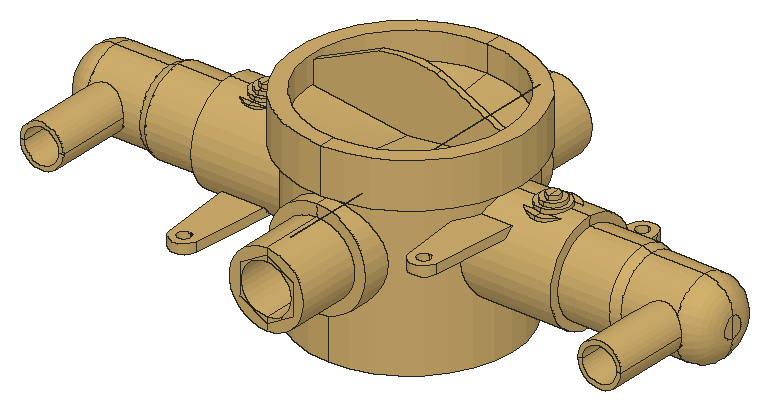
Revit family "Pressure_Balance_Rough_Valve-GROHE-35115000", category Plumbing Fixtures, host Face, Revit 2016
Family settings
  Host = Face
  Part Type = Normal
  Round Connector Dimension = Use Diameter
  OmniClass Number = 23.45.05.14.17
  OmniClass Title = Showers
  Cut with Voids When Loaded = Yes
  Shared = Yes
  Room Calculation Point = No
Parameters (values of type "GROHSAFE 3.0 - 35115000 1/2" Copper Sweat Outlet")
  Water Connection Diameter = 1/2"  # constant formula
  Waste Connection = no
  Warranty Information = ""
  WFU = 4  # constant formula
  Vent Connection = no
  URL = "www.grohe.ca"
  Type Comments = ""
  Specification = " 1/2in PEX crimp Elbow inlets; 1/2in Universal outlets; Includes plug for 3-port installation; Universal connection is 1/2” male threads by copper sweat; Flush plug included; Can be tested using flush plug with air (200 psi) or water 300 psi;Valve can be rotated 180 degrees to accommodate floor or ceiling supplies ;Made of DZR Brass; Service stops; Cartridge ships with the trim"  # constant formula
  Shower Outlet To Spout Outlet Width = 3 5/8"  # constant formula
  ScrewDriver Stop = yes
  Product Page URL = ""
  Product Documentation Link = ""
  Price = "Prices may vary. Please consult Manufacturer Representative for most up-to-date price list."  # constant formula
  Plaster Guard = yes
  Outlet to Wall = 2"
  Outlet to Outlet = 3 5/8"
  Outlet To Center = Shower Outlet To Spout Outlet Width / 2  # 1 13/16"
  Model = "35115000"  # constant formula
  Material = "DZR_Brass-Grohe"
  Manufacturer = "Grohe"  # constant formula
  Installation Type = "Wall Mounted"  # constant formula
  Inlet to Wall = 1"
  Inlet To Center = Hot Inlet To Cold Inlet Width / 2  # 3 1/4"
  Hot Inlet To Cold Inlet Width = 6 1/2"
  HWFU = 3  # constant formula
  HW Connection = yes
  Finish = DZR_Brass-Grohe
  Description = "Pressure Balance Valve Rough with Elbows - PEX Crimp with Service Stops"  # constant formula
  Dept From Wall Face To Outlet = if(Outlet to Wall < 1 3/4", 1 3/4", if(Outlet to Wall > 2 3/4", 2 3/4", Outlet to Wall))  # 2"
  Dept From Wall Face To COFC = if(Inlet to Wall < 7/8", 7/8", if(Inlet to Wall > 2", 2", Inlet to Wall))  # 1"
  Default Elevation = 0"  # constant formula
  Creation Date = "03/20/2020"  # constant formula
  Connection Size = 1/2"  # constant formula
  Connection Outlet Description = "1/2\" Copper Sweat Connection Outlet"
  Connection HW Inlet Description = "1/2” PEX Crimp Elbow Connection Inlet"
  Connection CW Inlet Description = "1/2” PEX Crimp Elbow Connection Inlet"
  CWFU = 3  # constant formula
  CW Connection = yes
  Assembly Code = "D2020300"
Types (3): name | Connection Outlet Description | Connection HW Inlet Description | Connection CW Inlet Description
  (no name) | "1/2\" Copper Sweat Connection Outlet" | "1/2” PEX Crimp Elbow Connection Inlet" | "1/2” PEX Crimp Elbow Connection Inlet"
  GROHSAFE 3.0 - 35115000 1/2" Copper Sweat Outlet | "1/2\" Copper Sweat Connection Outlet" | "1/2” PEX Crimp Elbow Connection Inlet" | "1/2” PEX Crimp Elbow Connection Inlet"
  GROHSAFE 3.0 - 35115000 1/2" NPT Outlet | "1/2\" NPT Connection Outlet" | "1/2” PEX Crimp Elbow  Connection Inlet" | "1/2” PEX Crimp Elbow  Connection Inlet"
Reference planes (in)
  plane 1 "Center (Front/Back)": y = -0.625
  plane 2: z = 0
  plane 3 "Center (Left/Right)": x = 0
  plane 4: z = -0.45494
  plane 5: y = -0.59375
  plane 6: y = -0.65625
  plane 7: y = -2.4375
  plane 8: y = 1.1875
  plane 9: z = -2
  plane 10: z = -1
  plane 11: x = 1.03125
  plane 12: x = -1.03125
  plane 13: x = 2.4375
  plane 14: x = -2.4375
  plane 15: z = -1.27344
  plane 16: x = -2.8125
  plane 17: x = 3.25
  plane 18: x = -3.15977
  plane 19: x = -3.25
  plane 20: x = 3.25
  plane 21: x = 2.8125
Forms (in)
  Extrusion 1, solid
    sketch origin (0, 0, 0) x (1, 0, 0) y (0, 1, 0)
      loop
        line (-0.12634, -0.50696) -> (-0.12634, -0.76768) -> (0.16418, -0.76768) -> (0.16418, -0.50696) -> (-0.12634, -0.50696)
    from -0.69087 to -0.7969
  Revolve 2, solid, material "DZR_Brass-Grohe"
    sketch origin (0, 0, 0) x (0, 1, 0) y (0, 0, 1)
      loop
        line (0.40625, -2) -> (0.40625, -0.45494) -> (0.5046, -0.45494) -> (0.5046, 0) -> (0.34375, 0) -> (0.34375, -0.26863) -> (-0.625, -0.39363) -> (-0.625, -0.51744) -> (0.34375, -0.51744) -> (0.34375, -1.9375) -> (-0.625, -1.9375) -> (-0.625, -2) -> (0.40625, -2)
      axis (-0.625, 0) -> (-0.625, -2)
    angle from 0 to 360
  Extrusion 3, solid, material "DZR_Brass-Grohe"
    sketch origin (0, 1.1875, -0.69922) x (0, 1, 0) y (-1, 0, 0)
      loop
        line (-0.63558, 1.20343) -> (-1.8125, 1.31847) -> (-1.8125, 0.81724) -> (-0.63558, 0.93227)
        arc (-0.63558, 0.93227) -> (-0.5126, 1.06785) -> (-0.63558, 1.20343) r 0.13623
      loop
        circle (-0.64883, 1.06785) r 0.06518
      loop
        line (-2.98942, -1.20343) -> (-1.8125, -1.31847) -> (-1.8125, -0.81724) -> (-2.98942, -0.93227)
        arc (-2.98942, -0.93227) -> (-3.1124, -1.06785) -> (-2.98942, -1.20343) r 0.13623
      loop
        circle (-2.97617, -1.06785) r 0.06518
    from -0.01953 to 0.07575
  Extrusion 4, solid, material "DZR_Brass-Grohe", visible <- "Plaster Guard"
    sketch origin (0, -5.06165, -1.98606) x (0, -1, 0) y (1, 0, 0)
      loop
        arc (-3.25973, -1.48468) -> (-3.13676, -1.3491) -> (-3.25973, -1.21352) r 0.13623
        line (-3.25973, -1.21352) -> (-4.43665, -1.09849) -> (-4.43665, -1.59972) -> (-3.25973, -1.48468)
      loop
        circle (-3.27298, -1.3491) r 0.06518
      loop
        arc (-5.61357, 1.54718) -> (-5.73655, 1.4116) -> (-5.61357, 1.27602) r 0.13623
        line (-5.61357, 1.27602) -> (-4.43665, 1.16099) -> (-4.43665, 1.66222) -> (-5.61357, 1.54718)
      loop
        circle (-5.60032, 1.4116) r 0.06518
    from 0.61857 to 0.71262
  Extrusion 5, solid, material "DZR_Brass-Grohe"
    sketch origin (0, -0.625, 0) x (1, 0, 0) y (0, 0, 1)
      loop
        line (1.06785, -0.45494) -> (1.06785, -0.09479) -> (0.29629, 0.26499)
        arc (0.29629, 0.26499) -> (0, 0.30738) -> (-0.29629, 0.26499) r 1.05669
        line (-0.29629, 0.26499) -> (-1.06785, -0.09479) -> (-1.06785, -0.45494) -> (1.06785, -0.45494)
    from -0.03125 to 0.03125
  Revolve 6, solid, material "DZR_Brass-Grohe", visible <- "ScrewDriver Stop"
    sketch origin (-1.44285, -0.65886, 48.30811) x (0, -1, 0) y (0, 0, 1)
      loop
        line (-0.03386, -48.93159) -> (0.19474, -48.93159) -> (0.19474, -48.84071) -> (0.12322, -48.84071) -> (0.12322, -48.80071) -> (0.07947, -48.80071) -> (0.07947, -48.76585) -> (0.03078, -48.76585) -> (0.03078, -48.7303) -> (-0.03386, -48.7303) -> (-0.03386, -48.93159)
      axis (-0.03386, -48.93159) -> (-0.03386, -48.7303)
    angle from 0 to 360
  Revolve 7, solid, material "DZR_Brass-Grohe", visible <- "ScrewDriver Stop"
    sketch origin (1.44285, 2.2913, 48) x (0, 1, 0) y (0, 0, 1)
      loop
        line (-2.9163, -48.62347) -> (-2.9163, -48.41325) -> (-2.98094, -48.41325) -> (-2.98094, -48.4488) -> (-3.03483, -48.4488) -> (-3.03483, -48.48367) -> (-3.07858, -48.48367) -> (-3.07858, -48.52367) -> (-3.1501, -48.52367) -> (-3.1501, -48.62347) -> (-2.9163, -48.62347)
      axis (-2.9163, -48.62347) -> (-2.9163, -48.41325)
    angle from 0 to 360
  Revolve 8, solid, material "DZR_Brass-Grohe"
    sketch origin (0, -0.625, 0) x (1, 0, 0) y (0, 0, 1)
      loop
        line (2.33361, -0.75) -> (2.33361, -1) -> (3.25, -1) -> (3.25, -0.89862)
        arc (3.25, -0.89862) -> (3.16757, -0.69962) -> (2.96856, -0.61719) r 0.28144
        line (2.96856, -0.61719) -> (2.42782, -0.61719) -> (2.34113, -0.58459) -> (1.8125, -0.58459) -> (1.8125, -0.5) -> (-1.8125, -0.5) -> (-1.8125, -0.58459) -> (-2.34113, -0.58459) -> (-2.42782, -0.61719) -> (-2.96856, -0.61719)
        arc (-2.96856, -0.61719) -> (-3.16757, -0.69962) -> (-3.25, -0.89862) r 0.28144
        line (-3.25, -0.89862) -> (-3.25, -1) -> (-2.33361, -1) -> (-2.33361, -0.75) -> (2.33361, -0.75)
      axis (3.25, -1) -> (-3.25, -1)
    angle from 0 to 360
  Revolve 9, solid, material "DZR_Brass-Grohe"
    sketch origin (0, -0.625, 0) x (0, 1, 0) y (0, 0, 1)
      loop
        line (1.8125, -0.75) -> (1.8125, -0.6875) -> (1.8125, -0.625) -> (1.17692, -0.625) -> (1.17692, -0.50765) -> (-1.17692, -0.50765) -> (-1.17692, -0.625) -> (-1.8125, -0.625) -> (-1.8125, -0.6875) -> (-1.8125, -0.75) -> (1.8125, -0.75)
      axis (1.8125, -1) -> (-1.8125, -1)
    angle from 0 to 360
  Extrusion 10, void
    sketch origin (0, 1.1875, -0.72266) x (0, 1, 0) y (-1, 0, 0)
      loop
        circle (-1.8125, 0) r 2
    from -2.58468 to 0.72266
  Revolve 11, solid, material "DZR_Brass-Grohe"
    sketch origin (-0.02344, 1.1875, -0.99609) x (0, 1, 0) y (-1, 0, 0)
      loop
        line (-1.8125, 2.61691) -> (-2.94278, 2.61691) -> (-2.94278, 2.57214) -> (-1.8125, 2.57214) -> (-1.8125, 2.61691)
      axis (-2.94278, 2.78906) -> (-1.8125, 2.78906)
    angle from 0 to 360
  Revolve 12, solid, material "DZR_Brass-Grohe"
    sketch origin (0.02344, 1.1875, -0.99609) x (0, 1, 0) y (-1, 0, 0)
      loop
        line (-2.94278, -2.57214) -> (-2.94278, -2.61691) -> (-1.8125, -2.61691) -> (-1.8125, -2.57214) -> (-2.94278, -2.57214)
      axis (-2.94278, -2.78906) -> (-1.8125, -2.78906)
    angle from 0 to 360
Cuts and joins
  joined: Extrusion 3, Extrusion 5
Lines and regions (in)
  Masking region 1
    outline origin (0, 0, 0) x (0, 1, 0) y (0, 0, 1)
      loop
        line (0.5046, 0) -> (-0.59375, 0) -> (-0.59375, 0.30738) -> (-0.65625, 0.30738) -> (-0.65625, 0) -> (-1.7546, 0) -> (-1.7546, -0.45494) -> (-1.65625, -0.45494) -> (-1.65625, -0.50765) -> (-1.80192, -0.50765) -> (-1.80192, -0.62347) -> (-2.4375, -0.62347) -> (-2.4375, -0.6875) -> (-2.4375, -1.30469) -> (-2.4375, -1.36749) -> (-1.80192, -1.36749) -> (-1.80192, -1.49235) -> (-1.65625, -1.49235) -> (-1.65625, -2) -> (0.40625, -2) -> (0.40625, -1.49235) -> (0.55192, -1.49235) -> (0.55192, -1.36749) -> (1.1875, -1.36749) -> (1.1875, -1.30469) -> (1.1875, -0.6875) -> (1.1875, -0.62347) -> (0.55192, -0.62347) -> (0.55192, -0.50765) -> (0.40625, -0.50765) -> (0.40625, -0.45494) -> (0.5046, -0.45494) -> (0.5046, 0)
  Masking region 2
    outline origin (0, -0.625, 0) x (1, 0, 0) y (0, 0, 1)
      loop
        arc (0.29629, 0.26499) -> (0, 0.30738) -> (-0.29629, 0.26499) r 1.05669
        line (-0.29629, 0.26499) -> (-0.86457, 0) -> (-1.1296, 0) -> (-1.1296, -0.45494) -> (-1.03125, -0.45494) -> (-1.03125, -0.50027) -> (-1.23806, -0.50027) -> (-1.23806, -0.36738) -> (-1.63583, -0.36738) -> (-1.63583, -0.50027) -> (-1.8125, -0.50027) -> (-1.8125, -0.58245) -> (-2.33543, -0.58245) -> (-2.42782, -0.61719) -> (-2.99193, -0.61719)
        arc (-2.99193, -0.61719) -> (-3.17441, -0.69277) -> (-3.25, -0.87526) r 0.25807
        line (-3.25, -0.87526) -> (-3.25, -1.11349)
        arc (-3.25, -1.11349) -> (-3.17112, -1.30393) -> (-2.98068, -1.38281) r 0.26932
        line (-2.98068, -1.38281) -> (-2.42782, -1.38281) -> (-2.33543, -1.41755) -> (-1.8125, -1.41755) -> (-1.8125, -1.49973) -> (-1.03125, -1.49973) -> (-1.03125, -2) -> (1.03125, -2) -> (1.03125, -1.49973) -> (1.8125, -1.49973) -> (1.8125, -1.41755) -> (2.33543, -1.41755) -> (2.42782, -1.38281) -> (2.98068, -1.38281)
        arc (2.98068, -1.38281) -> (3.17112, -1.30393) -> (3.25, -1.11349) r 0.26932
        line (3.25, -1.11349) -> (3.25, -0.87526)
        arc (3.25, -0.87526) -> (3.17441, -0.69277) -> (2.99193, -0.61719) r 0.25807
        line (2.99193, -0.61719) -> (2.42782, -0.61719) -> (2.33543, -0.58245) -> (1.8125, -0.58245) -> (1.8125, -0.50027) -> (1.63583, -0.50027) -> (1.63583, -0.36738) -> (1.23806, -0.36738) -> (1.23806, -0.50027) -> (1.03125, -0.50027) -> (1.03125, -0.45494) -> (1.1296, -0.45494) -> (1.1296, 0) -> (0.86457, 0) -> (0.29629, 0.26499)
  symbolic lines, detail levels fine
    curve 1: line (0.86457, -0.625, 0) -> (-0.86457, -0.625, 0)
    curve 2: line (1.1296, -0.625, -0.45494) -> (0, -0.625, -0.45494)
    curve 3: line (0, -0.625, -0.45494) -> (-1.1296, -0.625, -0.45494)
    curve 4: circle (0, -0.625, -1) r 0.3125 normal (0, -1, 0)
    curve 5: circle (0, -0.625, -1) r 0.25 normal (0, -1, 0)
    curve 6: circle (0, -0.625, -1) r 0.375 normal (0, -1, 0)
    curve 7: line (0, 0.5046, -0.45494) -> (0, -1.7546, -0.45494)
    curve 8: circle (0, -0.625, -1) r 0.41541 normal (-1, 0, 0)
    curve 9: circle (0, -0.625, -1) r 0.25 normal (-1, 0, 0)
    curve 10: circle (0, -0.625, -1) r 0.5 normal (-1, 0, 0)
    curve 11: circle (0, -0.625, -1) r 0.3125 normal (-1, 0, 0)
    curve 12: line (1.8125, -0.625, -0.5) -> (1.8125, -0.625, -1.5)
    curve 13: line (2.42782, -0.625, -1.38281) -> (2.42782, -0.625, -0.61719)
    curve 14: line (2.34113, -0.625, -1.41541) -> (2.34113, -0.625, -0.58459)
    curve 15: line (-2.42782, -0.625, -1.38281) -> (-2.42782, -0.625, -0.61719)
    curve 16: line (-2.34113, -0.625, -1.41541) -> (-2.34113, -0.625, -0.58459)
Dimensions and locks (in)
  locked: Revolve 2 sketch curve to Revolve 2 sketch curve at 0.0625
  locked: cut or joined group of Extrusion 3, Extrusion 5 to cut or joined group of Extrusion 3, Extrusion 5 at 0.09528
  locked: Extrusion 4 to Extrusion 4 at 0.09405
  plane 4 to level = 0.45494"
  Revolve 7 sketch curve to Revolve 7 sketch curve to Revolve 7 sketch curve to Revolve 7 sketch curve to Revolve 7 sketch curve = 0.03555" locked, 0.03486" locked, 0.04" locked, 0.0998" locked
  Revolve 7 sketch curve to Revolve 7 sketch curve to Revolve 7 sketch curve to Revolve 7 sketch curve to Revolve 7 sketch curve = 0.06464" locked, 0.0539" locked, 0.04375" locked, 0.07151" locked
  Revolve 2 sketch curve to Revolve 2 sketch curve to Revolve 2 sketch curve to plane 1 "Center (Front/Back)" = 0.09835" locked, 1/16" locked, 31/32" locked
  Revolve 2 sketch curve to Revolve 2 sketch curve to Revolve 2 sketch curve = 1/16" locked, 0.45494"
  equal spacing: plane 8, plane 1 "Center (Front/Back)", plane 7
  "Dept From Wall Face To Outlet": level to plane 9
  "Dept From Wall Face To COFC": level to plane 10
  level to plane 10 = 1"
  plane 6 to plane 7 = 1 25/32"
  Extrusion 4 to Extrusion 4 = 0.09405"
  Revolve 7 sketch curve to Revolve 7 sketch curve = 0.21022"
  plane 10 to plane 15 = 35/128"  (x2)
  locked: cut or joined group of Extrusion 3, Extrusion 5 to plane 10 at 0.28125
  "Outlet to Outlet": Revolve 9 sketch curve to Revolve 9 sketch curve
  equal spacing: Revolve 9 sketch curve, plane 1 "Center (Front/Back)", Revolve 9 sketch curve
  Revolve 9 sketch curve to Revolve 9 sketch curve to Revolve 9 sketch curve = 1/8" locked, 0.11735" locked
  Revolve 6 sketch curve to Revolve 6 sketch curve to Revolve 6 sketch curve to Revolve 6 sketch curve = 0.03555" locked, 0.03486" locked, 0.04" locked
  Revolve 6 sketch curve to Revolve 6 sketch curve to Revolve 6 sketch curve to Revolve 6 sketch curve to Revolve 6 sketch curve = 0.06464" locked, 0.04869", 0.04375" locked, 0.07151" locked
  "Hot Inlet To Cold Inlet Width": Revolve 8 sketch curve to Revolve 8 sketch curve
  equal spacing: Revolve 8 sketch curve, plane 3 "Center (Left/Right)", Revolve 8 sketch curve
  locked: plane 18 to plane 16 at 0.34727
  equal spacing: plane 19, plane 3 "Center (Left/Right)", plane 20
  "Inlet To Center": plane 19 to plane 3 "Center (Left/Right)"
  locked: plane 19 to plane 16 at 0.4375
  locked: Revolve 12 sketch curve to Revolve 12 sketch curve at 0.04477
  locked: plane 20 to plane 21 at 0.4375
  radius of Revolve 8 sketch curve = 0.28144"  (x2)
  aligned and locked: plane 1 "Center (Front/Back)" to Revolve 2 sketch curve
  aligned and locked: Revolve 2 sketch curve to plane 1 "Center (Front/Back)"  (x2)
  aligned and locked: plane 1 "Center (Front/Back)" to Extrusion 3 sketch curve
  aligned and locked: Extrusion 5 to plane 5
  aligned and locked: Revolve 2 sketch curve to Revolve 2 sketch curve
  aligned and locked: Revolve 2 to curve 1
  aligned and locked: plane 10 to Revolve 8 sketch curve  (x2)
  aligned and locked: Revolve 9 sketch curve to plane 10
  aligned and locked: Revolve 2 sketch curve to plane 9
  aligned and locked: plane 7 to Revolve 9 sketch curve
  aligned and locked: plane 4 to Revolve 2 sketch curve
  aligned and locked: Extrusion 4 to plane 15
  aligned and locked: level to Extrusion 10
  aligned and locked: curve 5 to Revolve 9
  aligned and locked: curve 6 to Revolve 9
  aligned and locked: Masking region 1 sketch curve to Revolve 2  (x7)
  aligned and locked: Masking region 1 sketch curve to Revolve 9  (x4)
  aligned and locked: Masking region 1 sketch curve to cut or joined group of Extrusion 3, Extrusion 5
  aligned and locked: Masking region 1 sketch curve to Extrusion 4
  aligned and locked: curve 7 to Revolve 2
  aligned and locked: curve 8 to Revolve 8
  aligned and locked: curve 9 to Revolve 8
  aligned and locked: curve 10 to Revolve 8
  aligned and locked: Revolve 9 sketch curve to Revolve 9 sketch curve
  aligned and locked: Revolve 7 sketch curve to cut or joined group of Extrusion 3, Extrusion 5
  aligned and locked: Masking region 2 sketch curve to cut or joined group of Extrusion 3, Extrusion 5  (x2)
  aligned and locked: cut or joined group of Extrusion 3, Extrusion 5 to Masking region 2 sketch curve
  aligned and locked: Revolve 8 to Masking region 2 sketch curve
  aligned and locked: Masking region 2 sketch curve to Revolve 2
  aligned and locked: curve 12 to Revolve 8
  aligned and locked: Revolve 11 sketch curve to plane 16
  aligned and locked: plane 21 to Revolve 12 sketch curve
  aligned and locked: curve 13 to Revolve 8
  aligned and locked: curve 14 to Revolve 8
  aligned and locked: curve 15 to Revolve 8
  aligned and locked: curve 16 to Revolve 8
Automatic sketch dimensions
  curve 4 to curve 5 = 0"  (x2)
  curve 3 to plane 4 = 0"
  curve 1 to level = 0"
  curve 2 to plane 3 "Center (Left/Right)" = 0"
  curve 1 to plane 12 = 0.16668"
  plane 12 to curve 3 = 0.09835"
  plane 11 to curve 1 = 0.16668"
  curve 2 to plane 11 = 0.09835"
  curve 12 to plane 15 = 29/128"
  curve 12 to plane 4 = 0.04506"
  Extrusion 1 sketch curve to Extrusion 1 sketch curve = 0.29052"
  Extrusion 1 sketch curve to Extrusion 1 sketch curve = 0.26072"
  plane 4 to Revolve 2 sketch curve = 0.06131"
  plane 4 to Revolve 2 sketch curve = 0.18631"
  level to Revolve 2 sketch curve = 0.24949"
  Revolve 2 sketch curve to Revolve 2 sketch curve = 0.17262"
  Extrusion 3 sketch curve to Extrusion 3 sketch curve = 0"  (x4)
  plane 1 "Center (Front/Back)" to Extrusion 3 sketch curve = 0"
  Extrusion 3 sketch curve to plane 11 = 0.0366"
  plane 7 to Extrusion 3 sketch curve = 0.64883"
  Extrusion 3 sketch curve to plane 11 = 0.17218"
  Extrusion 3 sketch curve to Extrusion 3 sketch curve = 0.01325"  (x2)
  plane 11 to Extrusion 3 sketch curve = 0.09898"
  plane 12 to Extrusion 3 sketch curve = 0.0366"
  Extrusion 3 sketch curve to plane 8 = 0.64883"
  plane 12 to Extrusion 3 sketch curve = 0.17218"
  Extrusion 3 sketch curve to plane 12 = 0.09898"
  Extrusion 3 sketch curve to plane 11 = 0.28722"
  plane 11 to Extrusion 3 sketch curve = 0.21401"
  Extrusion 3 sketch curve to plane 12 = 0.21401"
  plane 12 to Extrusion 3 sketch curve = 0.28722"
  Extrusion 4 sketch curve to Extrusion 4 sketch curve = 0"  (x4)
  plane 1 "Center (Front/Back)" to Extrusion 4 sketch curve = 0"  (x2)
  Extrusion 4 sketch curve to plane 8 = 0.64883"
  Extrusion 4 sketch curve to Extrusion 4 sketch curve = 0.01325"  (x4)
  Extrusion 4 sketch curve to plane 11 = 0.24477"
  plane 12 to Extrusion 4 sketch curve = 0.31785"
  plane 7 to Extrusion 4 sketch curve = 0.64883"
  plane 12 to Extrusion 4 sketch curve = 0.18227"
  plane 12 to Extrusion 4 sketch curve = 0.56847"
  plane 12 to Extrusion 4 sketch curve = 0.06724"
  Extrusion 4 sketch curve to plane 11 = 0.12974"
  Extrusion 4 sketch curve to Extrusion 4 sketch curve = 0.13558"
  Extrusion 4 sketch curve to Extrusion 4 sketch curve = 0.50123"
  Extrusion 5 sketch curve to plane 4 = 0"
  Extrusion 5 sketch curve to plane 3 "Center (Left/Right)" = 0"
  Extrusion 5 sketch curve to plane 3 "Center (Left/Right)" = 0.29629"
  plane 12 to Extrusion 5 sketch curve = 0.0366"
  plane 3 "Center (Left/Right)" to Extrusion 5 sketch curve = 0.29629"
  Extrusion 5 sketch curve to plane 11 = 0.0366"
  plane 10 to Extrusion 5 sketch curve = 0.25069"
  Extrusion 5 sketch curve to level = 0.09479"  (x2)
  level to Extrusion 5 sketch curve = 0.26499"
  Revolve 6 sketch curve to plane 1 "Center (Front/Back)" = 0"  (x2)
  Revolve 6 sketch curve to plane 4 = 0.16854"
  Revolve 6 sketch curve to plane 4 = 0.07766"
  Revolve 6 sketch curve to level = 0.16986"
  Revolve 6 sketch curve to Revolve 6 sketch curve = 0.0443"
  Revolve 7 sketch curve to plane 1 "Center (Front/Back)" = 0"  (x2)
  Revolve 7 sketch curve to plane 4 = 0.02304"
  Revolve 7 sketch curve to Revolve 7 sketch curve = 0.02042"
  plane 1 "Center (Front/Back)" to Extrusion 10 sketch curve = 0"
  Extrusion 10 sketch curve to plane 3 "Center (Left/Right)" = 0"
  plane 1 "Center (Front/Back)" to Revolve 12 sketch curve = 0"
  Revolve 12 sketch curve to plane 21 = 0.17215"
  plane 7 to Revolve 12 sketch curve = 0.68222"
  Revolve 12 sketch curve to Revolve 12 sketch curve = 0.40188"
  Revolve 12 sketch curve to Revolve 12 sketch curve = 0.22091"
  plane 1 "Center (Front/Back)" to Revolve 11 sketch curve = 0"
  Revolve 11 sketch curve to plane 16 = 0.17215"
  plane 7 to Revolve 11 sketch curve = 0.68222"
  Revolve 11 sketch curve to Revolve 11 sketch curve = 0.40188"
  Revolve 11 sketch curve to Revolve 11 sketch curve = 0.22091"
  Revolve 11 sketch curve to Revolve 11 sketch curve = 0.04477"
  curve 8 to curve 11 = 0"  (x2)
  plane 7 to curve 7 = 0.6829"
  curve 7 to plane 8 = 0.6829"
  Masking region 2 sketch curve to plane 19 = 0"
  Masking region 2 sketch curve to level = 0"  (x2)
  Masking region 2 sketch curve to plane 4 = 0"  (x2)
  plane 12 to Masking region 2 sketch curve = 0"  (x2)
  plane 11 to Masking region 2 sketch curve = 0"  (x2)
  Masking region 2 sketch curve to plane 20 = 0"
  plane 16 to Masking region 2 sketch curve = 0.17943"
  Masking region 2 sketch curve to plane 15 = 7/64"  (x2)
  plane 16 to Masking region 2 sketch curve = 0.16818"
  Masking region 2 sketch curve to plane 14 = 0.00968"  (x2)
  Masking region 2 sketch curve to Masking region 2 sketch curve = 0.09239"  (x2)
  Masking region 2 sketch curve to plane 15 = 0.14411"
  Masking region 2 sketch curve to Masking region 2 sketch curve = 0.52293"  (x2)
  Masking region 2 sketch curve to plane 4 = 0.12751"  (x2)
  plane 4 to Masking region 2 sketch curve = 0.08756"  (x2)
  Masking region 2 sketch curve to Masking region 2 sketch curve = 0.17667"  (x2)
  Masking region 2 sketch curve to plane 4 = 0.04533"  (x3)
  plane 12 to Masking region 2 sketch curve = 0.20681"
  plane 12 to Masking region 2 sketch curve = 0.09835"
  Masking region 2 sketch curve to plane 11 = 0.09835"
  Masking region 2 sketch curve to Masking region 2 sketch curve = 0.10847"
  Masking region 2 sketch curve to plane 15 = 0.2263"
  plane 13 to Masking region 2 sketch curve = 5/8"
  plane 13 to Masking region 2 sketch curve = 0.10207"  (x2)
  plane 13 to Masking region 2 sketch curve = 0.00968"  (x2)
  plane 21 to Masking region 2 sketch curve = 0.16818"
  plane 21 to Masking region 2 sketch curve = 0.17943"
  Masking region 2 sketch curve to Masking region 2 sketch curve = 0.08218"
  Masking region 2 sketch curve to Masking region 2 sketch curve = 0.03474"
  plane 10 to Masking region 2 sketch curve = 0.12474"  (x2)
  Masking region 2 sketch curve to Masking region 2 sketch curve = 0.04533"
  curve 13 to plane 15 = 7/64"
  curve 13 to plane 4 = 0.16225"
  curve 14 to curve 13 = 0.0326"
  curve 13 to curve 14 = 0.0326"
  curve 15 to plane 15 = 7/64"
  curve 15 to plane 4 = 0.16225"
  curve 16 to curve 15 = 0.0326"
  curve 15 to curve 16 = 0.0326"
  Revolve 8 sketch curve to plane 10 = 0"
  Revolve 8 sketch curve to plane 14 = 0.09637"
  Revolve 8 sketch curve to plane 14 = 0.10389"
  Revolve 8 sketch curve to plane 4 = 0.12965"  (x2)
  Revolve 8 sketch curve to Revolve 8 sketch curve = 0.52863"
  plane 13 to Revolve 8 sketch curve = 5/8"
  plane 13 to Revolve 8 sketch curve = 0.10389"
  plane 13 to Revolve 8 sketch curve = 0.09637"
  plane 13 to Revolve 8 sketch curve = 0.00968"
  Revolve 8 sketch curve to Revolve 8 sketch curve = 0.10138"
  plane 10 to Revolve 8 sketch curve = 0.10138"
  Revolve 8 sketch curve to Revolve 8 sketch curve = 17/128"
  Revolve 8 sketch curve to plane 4 = 0.04506"
  plane 16 to Revolve 8 sketch curve = 0.01605"
  plane 14 to Revolve 8 sketch curve = 0.01756"
  Revolve 8 sketch curve to plane 14 = 0.00968"
  Revolve 9 sketch curve to plane 7 = 0"
  Revolve 9 sketch curve to plane 8 = 0"
  Revolve 9 sketch curve to plane 4 = 0.17006"
  Revolve 9 sketch curve to Revolve 9 sketch curve = 0.63558"
  Revolve 9 sketch curve to plane 7 = 0.01756"
  Revolve 9 sketch curve to Revolve 9 sketch curve = 0.44748"
  Revolve 9 sketch curve to Revolve 9 sketch curve = 1/16"  (x2)
  Revolve 9 sketch curve to Revolve 9 sketch curve = 0"  (x2)
  Masking region 1 sketch curve to plane 7 = 0"
  Masking region 1 sketch curve to plane 6 = 0"
  Masking region 1 sketch curve to plane 5 = 0"
  Masking region 1 sketch curve to plane 8 = 0"
  Masking region 1 sketch curve to plane 4 = 0"
  Masking region 1 sketch curve to level = 0"
  Masking region 1 sketch curve to Masking region 1 sketch curve = 0.63558"
  Masking region 1 sketch curve to Masking region 1 sketch curve = 0.14567"  (x2)
  Masking region 1 sketch curve to plane 8 = 25/32"
  Masking region 1 sketch curve to Masking region 1 sketch curve = 0.04732"  (x2)
  Masking region 1 sketch curve to plane 15 = 0.09405"
  Masking region 1 sketch curve to Masking region 1 sketch curve = 0.12486"  (x2)
  Masking region 1 sketch curve to plane 4 = 0.16854"
  Masking region 1 sketch curve to plane 4 = 0.05272"  (x2)
  Masking region 1 sketch curve to Masking region 1 sketch curve = 0.30738"
  Masking region 1 sketch curve to plane 15 = 1/32"  (x2)
  Masking region 1 sketch curve to Masking region 1 sketch curve = 0"  (x4)
  Masking region 1 sketch curve to Masking region 1 sketch curve = 0.06403"  (x2)
  radius of curve 4 = 5/16"
  radius of Extrusion 3 sketch curve = 0.06518"  (x2)
  radius of Extrusion 4 sketch curve = 0.06518"  (x2)
  radius of Extrusion 10 sketch curve = 2"
  radius of curve 11 = 5/16"
Connectors (in)
  piping at (0, -2.4375, -1), diameter 0.5, driven by "Connection Outlet Description", driven by "Connection Size"
    settings: on Revolve 9, index 1, connector inside diameter 24", connector length 0", flow factor 0, pipe flow 0 GPM, pressure drop 0.00 psi, fitting loss kfactor 0, connector angle 0.00°, fixture units 0, engagement length 0", angle of deflection 0.00°, flow configuration 2, flow direction 2, fitting loss method 0, system type 7, joint type 0, gender type 0, connector reference index -1, connector utility 0, adjustable connector no, is connector primary yes, connector description "1/2\" Copper Sweat Connection Outlet"
  piping at (0, 1.1875, -1), diameter 0.5, driven by "Connection Outlet Description", driven by "Connection Size"
    settings: on Revolve 9, index 2, connector inside diameter 24", connector length 0", flow factor 0, pipe flow 0 GPM, pressure drop 0.00 psi, fitting loss kfactor 0, connector angle 0.00°, fixture units 0, engagement length 0", angle of deflection 0.00°, flow configuration 2, flow direction 2, fitting loss method 0, system type 7, joint type 0, gender type 0, connector reference index -1, connector utility 0, adjustable connector no, is connector primary no, connector description "1/2\" Copper Sweat Connection Outlet"
  piping at (-2.90273, -1.75528, -0.99609), diameter 0.5, driven by "Connection HW Inlet Description", driven by "Connection Size"
    settings: on Revolve 11, index 3, connector inside diameter 24", connector length 0", flow factor 0, pipe flow 0 GPM, pressure drop 0.00 psi, fitting loss kfactor 0, connector angle 0.00°, fixture units 0, engagement length 0", angle of deflection 0.00°, flow configuration 2, flow direction 1, fitting loss method 0, system type 19, joint type 0, gender type 0, connector reference index -1, connector utility 0, adjustable connector no, is connector primary no, connector description "1/2” PEX Crimp Elbow Connection Inlet"
  piping at (2.8125, -1.75528, -0.99609), diameter 0.5, driven by "Connection CW Inlet Description", driven by "Connection Size"
    settings: on Revolve 12, index 4, connector inside diameter 24", connector length 0", flow factor 0, pipe flow 0 GPM, pressure drop 0.00 psi, fitting loss kfactor 0, connector angle 0.00°, fixture units 0, engagement length 0", angle of deflection 0.00°, flow configuration 2, flow direction 1, fitting loss method 0, system type 20, joint type 0, gender type 0, connector reference index -1, connector utility 0, adjustable connector no, is connector primary no, connector description "1/2” PEX Crimp Elbow Connection Inlet"
